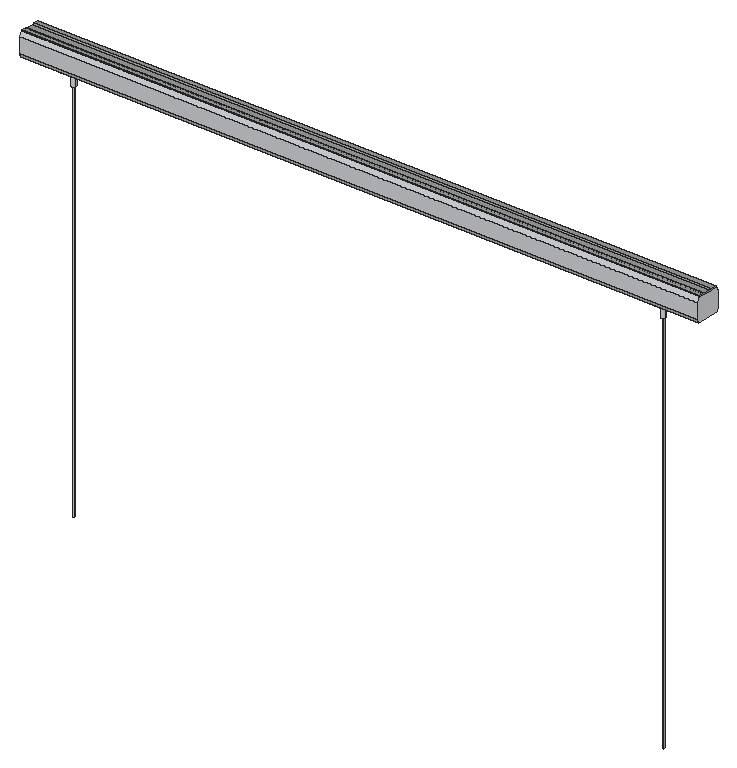
Revit family "0042527 Sylvania Lighting Fixture ISOLINE 1690MM 4K ASYL DA 8C", category Lighting Fixtures, host Face, Revit 2018
Family settings
  Host = Face
  Round Connector Dimension = Use Diameter
  Part Type = Normal
  OmniClass Number = 23.80.70.00
  OmniClass Title = Lighting
  Cut with Voids When Loaded = No
  Light Source = Yes
  Shared = No
  Room Calculation Point = No
Parameters (values of type "0042527 ISOLINE 1690MM 4K ASYL DA 8C")
  suspension height = 1000 mm
  spacer height = 5 mm
  spacer centres = 1000 mm
  height = 58.791 mm
  Width = 62 mm
  Weight = "n/a"
  Wattage Comments = ""
  Wattage = 9.2903 W
  WarrantyStartDate [instance] = "n/a"
  WarrantyGuarantorParts = "n/a"
  WarrantyDurationUnit = "n/a"
  WarrantyDurationParts = ""
  WarrantyDescription = "http://www.sylvania-lighting.com"
  built-in parameter 1150110 = 1 (stored number, unit not read)
  Voltage = 0 V
  URL = "0"
  TypeName = "ISOLINE 1690MM 4K ASYL DA 8C"
  Type Image = <None>
  Type Comments = "n/a"
  built-in parameter 1114217 = 1 (stored number, unit not read)
  Tilt Angle = 90.00°
  built-in parameter 1150109 = 1 (stored number, unit not read)
  built-in parameter 1150134 = 3
  built-in parameter 1150113 = 1 (stored number, unit not read)
  SerialNumber [instance] = "n/a"
  Photometric Web File = "0042527.ies"
  Material_3_FEILO = none
  PowerFactor = 0
  PowerConsumption = "Lighting"
  NominalLength = 62 mm
  NominalHeight = 0 mm
  NominalDepth = 0 mm
  Name = "ISOLINE 1690MM 4K ASYL DA 8C"
  ModelReference = Name  # "ISOLINE 1690MM 4K ASYL DA 8C"
  ModelNumber = "0042527"
  Model = Name  # "ISOLINE 1690MM 4K ASYL DA 8C"
  Material = "Feilo Sylvania"
  ManufacturerName = "143 lm/W"
  Manufacturer = ""
  LuminousEfficacy = ""
  built-in parameter 1150105 = 109.82 (stored number, unit not read)
  Lumens = 1380 lm
  LuminaireType = "0"
  built-in parameter 1150115 = 1 (stored number, unit not read)
  LightOutputRatio = "LED"
  built-in parameter 1150137 = (empty or 0)
  built-in parameter 1150139 = (empty or 0)
  Length = 1690 mm
  LampsType = Lamp  # "n/a"
  LampNominalLuminous = "4000 K"
  LampMacAdamStep = "80"
  LampColourTemperature = "LED"
  LampColourRenderingIndex = "16500"
  built-in parameter 1150112 = 1 (stored number, unit not read)
  built-in parameter 1150114 = 1 (stored number, unit not read)
  Lamp = "n/a"
  Keynote = "n/a"
  InstallationDate [instance] = "n/a"
  InputVoltage = "0"
  InputNominalFrequency = "4000"
  built-in parameter 1150132 = (empty or 0)
  built-in parameter 1150102 = (empty or 0)
  built-in parameter 1150107 = 3200 (stored number, unit not read)
  built-in parameter 1150138 = (empty or 0)
  IngressProtection = "IfcLightFixtureType"
  ImpactProtectionIndex = "IfcLightFixtureType"
  built-in parameter 1150106 = 1.0982 (stored number, unit not read)
  IfcExportType = "IfcLightFixtureType"
  IfcExportAs = "Class I"
  Height = 1000 mm
  ExpectedLife = 50000
  Emit from Circle Diameter = 609.6 mm
  Emit Shape Visible in Rendering = no
  ElectricShockClassification = "143"
  built-in parameter 1150104 = 13.8 (stored number, unit not read)
  DurationUnit = "hours"
  DocumentationLiterature = "http://www.sylvania-lighting.com/product/en-int/products/0042527"
  DimmingControlOptions = "n/a"
  Material_2_FEILO = none
  Dimming Lamp Color Temperature Shift = <None>
  Description = "Isoline LED linear DALI dimmable luminaire for industrial and commercial applications. 1690 mm lenght with asymmetrical (Left) optics provide homogenous light distribution for wide, shelf areas. Suitable for DALI Dimming. Aluminium housing, RAL 9016. Max + 35 °C operating temperature range, 4000 K, CRI 80, 3 SDMC. 56 W power consumption, 8000 lm luminous flux, 143 lm/W efficacy, 1690 mm x 62 mm x 59 mm (L x W x H) dimensions, IP20, IK03, DC 50/60 Hz, Class I. Lifespan L70:B50 60,000 hours."
  Default Elevation = 1219.2 mm
  CreatedOn = "04/03/2021"
  CreatedBy = "@sylvania-lighting.com"
  Cost = 0
  Color Filter = 16777215
  built-in parameter 1114216 [instance] = (empty or 0)
  ClassificationValue = "EF_70_80"
  ClassificationName = "Uniclass2015"
  Material_1_FEILO = none
  BarCode [instance] = "n/a"
  built-in parameter 1114218 = 1 (stored number, unit not read)
  built-in parameter 1150133 = 10 (stored number, unit not read)
  AssetType = "Fixed"
  AssetIdentifier [instance] = "n/a"
  Assembly Code = "D5020200"
  Apparent Load = 56 VA
  Material_4_FEILO = none
Reference planes
  plane 1 "Center (Front/Back)": y = 0
  plane 2: z = 0
  plane 3 "Center (Left/Right)": x = 0
  plane 4: z = 0
  plane 5: z = 1000
  plane 6: y = 31
  plane 7: y = -31
  plane 8: x = -845
  plane 9: x = 845
  plane 10: x = -37.307
  plane 11: x = 55
  plane 12: z = 1058.791
  plane 13: z = 51
  plane 14: y = -27
  plane 15: y = 27
  plane 16: z = 12
  plane 17: y = -24.969
  plane 18: y = 25
  plane 19: y = 12
  plane 20: y = -12
  plane 21: z = 1.634
  plane 22: y = -8
  plane 23: y = 8
  plane 24: z = 995
  plane 25: y = 26.98
  plane 26: y = 16.98
  plane 27: y = -27.027
  plane 28: y = -17.004
  plane 29: z = 996.5
  plane 30: y = 26.002
  plane 31: y = -26.027
  plane 32: through (-1580, 7.965, 1219.2) normal (0.5391, 0.8423, 0)
  plane 33: through (-1555, 7.965, 1219.2) normal (0.5391, -0.8423, 0)
  plane 34: through (1555, 7.965, 1219.2) normal (0.5391, 0.8423, 0)
  plane 35: through (1580, 8, 1219.2) normal (0.5399, -0.8417, 0)
  plane 36: z = 1058.003
  plane 37: z = 1056.819
  plane 38: x = -735
  plane 39: x = 735
Forms (mm)
  Extrusion 1, solid, detail levels medium+fine
    sketch origin (-1690, -1523.717, -160.594) x (0, -1, -0.000261) y (0, 0.000261, -1)
      loop
        line (-1493, -1168.2) -> (-1497, -1160.2) -> (-1551, -1160.2) -> (-1555, -1168.2) -> (-1555, -1207.2) -> (-1549.109, -1218.982) -> (-1535.466, -1218.982) -> (-1532, -1217.566) -> (-1516, -1217.566) -> (-1512.511, -1218.991) -> (-1498.896, -1218.991) -> (-1493, -1207.2) -> (-1493, -1168.2)
    from 845 to 2535
  Extrusion 2, solid
    sketch origin (722.452, 1524, 1219.247) x (0, 1, 0) y (0, 0, 1)
      loop
        line (-1497.021, -219.189) -> (-1498.02, -219.189) -> (-1507.02, -223.699) -> (-1541.004, -223.699) -> (-1550.017, -219.203) -> (-1551.02, -219.203) -> (-1541.004, -224.2) -> (-1507.02, -224.2) -> (-1497.021, -219.189)
    from 0 to 25
  Extrusion 3, solid
    sketch origin (-747.495, 1524, 1219.189) x (0, 1, 0) y (0, 0, 1)
      loop
        line (-1497.021, -219.189) -> (-1498.02, -219.189) -> (-1507.02, -223.699) -> (-1541.004, -223.699) -> (-1550.017, -219.203) -> (-1551.02, -219.203) -> (-1541.004, -224.2) -> (-1507.02, -224.2) -> (-1497.021, -219.189)
    from 0 to 25
  Extrusion 4, solid
    sketch origin (836.384, 0, 0) x (1, 0, 0) y (0, 1, 0)
      loop
        circle (-1571.7, -0.035) r 5
    from 962.277 to 995
  Extrusion 5, solid
    sketch origin (2306.545, 0.065, 0) x (1, 0, 0) y (0, 1, 0)
      loop
        circle (-1571.7, -0.035) r 5
    from 962.277 to 995
  Extrusion 6, solid
    sketch origin (836.717, 0, 0) x (1, 0, 0) y (0, 1, 0)
      loop
        circle (-1571.7, -0.035) r 1.5
    from 0 to 962.277
  Extrusion 7, solid
    sketch origin (2306.663, 0.033, 0) x (1, 0, 0) y (0, 1, 0)
      loop
        circle (-1571.7, -0.035) r 1.5
    from 0 to 962.277
  Extrusion 8, solid, material "Glass, White, High Luminance", detail levels fine
    sketch origin (319, 1524, 1219.2) x (0, 1, 0) y (0, 0, 1)
      loop
        line (-1498.926, -160.099) -> (-1512.703, -160.099) -> (-1516.213, -161.534) -> (-1531.9, -161.534) -> (-1535.47, -160.114) -> (-1549.12, -160.114) -> (-1549.12, -161.197) -> (-1535.782, -161.197) -> (-1532.805, -162.381) -> (-1515.468, -162.381) -> (-1512.929, -161.197) -> (-1498.926, -161.197) -> (-1498.926, -160.099)
    from -1164 to 526
  Extrusion 9, solid, detail levels coarse
    sketch origin (319, 1524, 1219.2) x (0, 1, 0) y (0, 0, 1)
      loop
        line (-1493, -160.052) -> (-1555, -160.052) -> (-1555, -1219.2) -> (-1493, -1219.2) -> (-1493, -160.052)
    from -1164 to 526
Dimensions and locks
  "Width": plane 6 to plane 7
  equal spacing: plane 6, plane 1 "Center (Front/Back)", plane 7
  "Length": plane 8 to plane 9
  equal spacing: plane 8, plane 3 "Center (Left/Right)", plane 9
  "height": plane 12 to plane 5
  "suspension height": plane 5 to level
  aligned and locked: host face to plane 2
  aligned and locked: host face to level
Automatic sketch dimensions
  host sketch curve to host sketch curve = 3582.803 mm
  host sketch curve to host sketch curve = 2438.4 mm
  Extrusion 1 sketch curve to plane 25 = 0 mm
  Extrusion 1 sketch curve to plane 6 = 0.033 mm
  Extrusion 1 sketch curve to plane 12 = 11.778 mm
  Extrusion 1 sketch curve to Extrusion 1 sketch curve = 4 mm  (x2)
  Extrusion 1 sketch curve to Extrusion 1 sketch curve = 5.891 mm
  Extrusion 1 sketch curve to Extrusion 1 sketch curve = 13.643 mm
  Extrusion 1 sketch curve to Extrusion 1 sketch curve = 3.466 mm
  Extrusion 1 sketch curve to Extrusion 1 sketch curve = 16 mm
  Extrusion 1 sketch curve to Extrusion 1 sketch curve = 3.489 mm
  Extrusion 1 sketch curve to Extrusion 1 sketch curve = 13.615 mm
  Extrusion 1 sketch curve to Extrusion 1 sketch curve = 54 mm
  Extrusion 1 sketch curve to Extrusion 1 sketch curve = 47 mm
  Extrusion 1 sketch curve to Extrusion 1 sketch curve = 10.366 mm
  Extrusion 1 sketch curve to Extrusion 1 sketch curve = 1.425 mm
  Extrusion 1 sketch curve to Extrusion 1 sketch curve = 11.782 mm
  Extrusion 1 sketch curve to Extrusion 1 sketch curve = 8 mm  (x2)
  Extrusion 2 sketch curve to plane 28 = 0 mm  (x2)
  Extrusion 2 sketch curve to plane 26 = 0 mm  (x2)
  plane 5 to Extrusion 2 sketch curve = 0.058 mm
  Extrusion 2 sketch curve to plane 31 = 0.01 mm
  Extrusion 2 sketch curve to plane 27 = 0.007 mm
  plane 30 to Extrusion 2 sketch curve = 0.022 mm
  plane 25 to Extrusion 2 sketch curve = 0.001 mm
  plane 5 to Extrusion 2 sketch curve = 0.044 mm
  plane 24 to Extrusion 2 sketch curve = 0.547 mm
  plane 24 to Extrusion 2 sketch curve = 0.047 mm
  Extrusion 3 sketch curve to plane 28 = 0 mm  (x2)
  Extrusion 3 sketch curve to plane 26 = 0 mm  (x2)
  Extrusion 3 sketch curve to plane 5 = 0 mm
  Extrusion 3 sketch curve to plane 31 = 0.01 mm
  Extrusion 3 sketch curve to plane 27 = 0.007 mm
  plane 30 to Extrusion 3 sketch curve = 0.022 mm
  plane 25 to Extrusion 3 sketch curve = 0.001 mm
  Extrusion 3 sketch curve to plane 5 = 0.014 mm
  plane 24 to Extrusion 3 sketch curve = 0.489 mm
  Extrusion 3 sketch curve to plane 24 = 0.011 mm
  plane 32 to Extrusion 4 sketch curve = 448.592 mm
  plane 33 to Extrusion 4 sketch curve = 448.592 mm
  Extrusion 5 sketch curve to plane 1 "Center (Front/Back)" = 0.029 mm
  plane 32 to Extrusion 6 sketch curve = 448.771 mm
  plane 33 to Extrusion 6 sketch curve = 448.771 mm
  plane 1 "Center (Front/Back)" to Extrusion 7 sketch curve = 0.002 mm
  Extrusion 8 sketch curve to plane 36 = 0 mm  (x2)
  Extrusion 8 sketch curve to plane 37 = 0 mm
  plane 17 to Extrusion 8 sketch curve = 0.151 mm
  Extrusion 8 sketch curve to plane 20 = 0.218 mm
  plane 12 to Extrusion 8 sketch curve = 0.295 mm
  Extrusion 8 sketch curve to plane 20 = 0.53 mm
  plane 22 to Extrusion 8 sketch curve = 0.805 mm
  Extrusion 8 sketch curve to plane 22 = 0.1 mm
  plane 23 to Extrusion 8 sketch curve = 0.213 mm
  Extrusion 8 sketch curve to plane 23 = 0.532 mm
  plane 19 to Extrusion 8 sketch curve = 0.929 mm
  Extrusion 8 sketch curve to plane 18 = 0.074 mm
  plane 37 to Extrusion 8 sketch curve = 0.848 mm
  plane 19 to Extrusion 8 sketch curve = 0.703 mm
  plane 12 to Extrusion 8 sketch curve = 0.31 mm
  Extrusion 9 sketch curve to plane 7 = 0 mm
  Extrusion 9 sketch curve to plane 6 = 0 mm
  Extrusion 9 sketch curve to plane 29 = 996.5 mm
  plane 12 to Extrusion 9 sketch curve = 0.357 mm
  Extrusion 5 sketch curve to plane 39 = 0.155 mm
  Extrusion 7 sketch curve to plane 39 = 0.037 mm
  radius of Extrusion 4 sketch curve = 5 mm
  radius of Extrusion 5 sketch curve = 5 mm
  radius of Extrusion 6 sketch curve = 1.5 mm
  radius of Extrusion 7 sketch curve = 1.5 mm
Connectors
  electrical at (0, -0.02, 1000.004)
    settings: on Extrusion 1, index 1, voltage 0 V, apparent load 0 VA, apparent load phase1 0 VA, apparent load phase2 0 VA, apparent load phase3 0 VA, power factor 1, load classification "Other", number of poles 1, system type 31, power factor state 1, is connector primary yes, connector utility no, sub classification motor no, connector description ""
